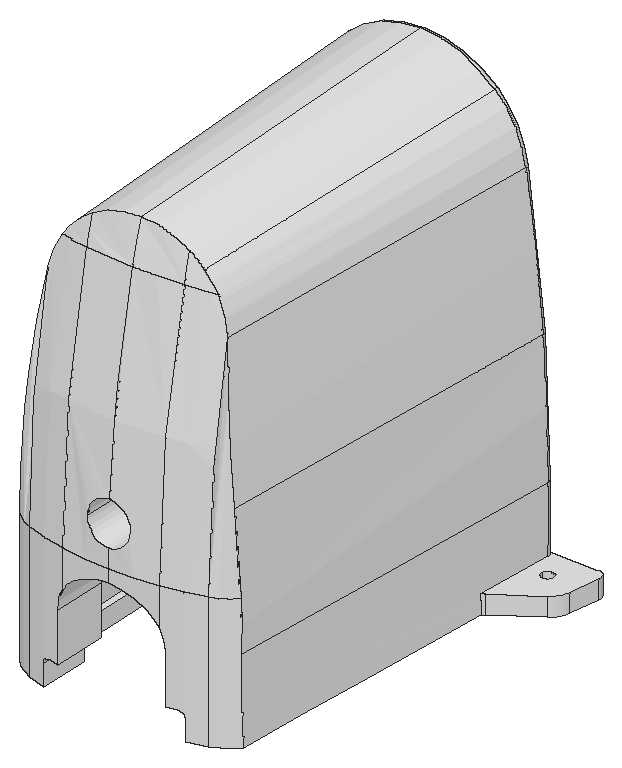
Revit family "Sink-Pedestal-KOHLER-Folio-K-11340K_1", category Specialty Equipment, host Face, Revit 2021
Family settings
  Host = Face
  Round Connector Dimension = Use Diameter
  Part Type = Normal
  OmniClass Number = 23.31.25.00
  OmniClass Title = Toilet and Bath Specialties
  Cut with Voids When Loaded = No
  Shared = No
  Room Calculation Point = No
Parameters (values of type "0-White")
  Width = 9 65/256"  # constant formula
  WaterSense Certified = 1 = 0  # no
  URL = "https://www.kohlerasiapacific.com/"
  Type = 1
  Product Page URL = ""
  Product Name = "Folio"  # constant formula
  Product Documentation Link = ""
  Model = "K-11340K-0"  # constant formula
  Material = "Vitreous China"  # constant formula
  Master Format 2014 Name = "Bath Accessories"  # constant formula
  Master Format 2014 = "10 28 16"  # constant formula
  Manufacturer Address = "No. 158 Jiang Chang San Road, Zhabei District, Shanghai, China"  # constant formula
  Manufacturer = "Kohler Co."  # constant formula
  Length = 11 53/128"  # constant formula
  Height = 10 5/32"  # constant formula
  Finish = Kohler-Vitreous_China-0-White
  Environmental Product Declaration = ""
  Description = "Shroud"  # constant formula
  Default Elevation = 25"
  Declare Label = ""
  Date Modified = "02/02/2023"  # constant formula
  Date Created = "02/02/2023"  # constant formula
  Copyright = "Copyright Kohler Co."  # constant formula
  Contact Us = "https://www.kohlerasiapacific.com/contact-us"
  Assembly Code = "C1030200"
  ADA Compliant = 1 = 0  # no
Reference planes
  plane 1 "Center (Front/Back)": y = 0
  plane 2: z = 0
  plane 3 "Center (Left/Right)": x = 0
  plane 4: x = -117.5
  plane 5: y = 237.938
  plane 6: x = -95
  plane 7: x = 95.049
  plane 8: z = 113
  plane 9: y = 257.969
  plane 10: x = 117.549
  plane 11: z = 289.917
  plane 12: z = 12
  plane 13: z = 268.978
Dimensions and locks
  "Height": plane 1 "Center (Front/Back)" to plane 9
  "Width": plane 4 to plane 10
  "Length": level to plane 11
  plane 9 to plane 5 = 0.78863"
  plane 6 to plane 7 = 7.48225"
  plane 3 "Center (Left/Right)" to plane 10 = 4.62792"
  level to plane 12 = 0.47244"
  level to plane 8 = 4.44882"
  plane 13 to plane 11 = 0.82436"
  aligned and locked: plane 2 to host face
  aligned and locked: level to host face
Automatic sketch dimensions
  host sketch curve to host sketch curve = 96"  (x2)
Nested families
  nested 1: "K-11340K" at (0, 0, 0), type "K-11340K"
Definition of nested family "K-11340K"
  Parameters
    Material = none
    Default Elevation = 0"
  Reference planes
    plane 1 "Center (Front/Back)": y = 0
    plane 2: z = 0
    plane 3 "Center (Left/Right)": x = 0
    plane 4: y = 258
    plane 5: z = 12
    plane 6: x = -117.5
    plane 7: x = 117.5
    plane 8: y = 238
    plane 9: x = -95
    plane 10: x = 95
    plane 11: z = 113
    plane 12: z = 289.964
  Forms (mm)
    Sweep 1, solid, material <- "Material", detail levels medium+fine
      path origin (0, 0, 0) x (1, 0, 0) y (0, 0, 1)
        loop
          arc (83.672, -16.404) -> (82.349, 19.074) -> (82.097, 54.576) r 1176.886
          arc (82.097, 54.576) -> (81.456, 97.102) -> (78.853, 139.553) r 921.718
          arc (78.853, 139.553) -> (74.217, 186.203) -> (68.206, 232.696) r 1588.836
          arc (68.206, 232.696) -> (61.386, 253.716) -> (47.933, 271.248) r 65.154
          arc (47.933, 271.248) -> (25.735, 285.145) -> (0, 290) r 70.636
          arc (0, 290) -> (-25.735, 285.145) -> (-47.933, 271.248) r 70.636
          arc (-47.933, 271.248) -> (-61.386, 253.716) -> (-68.206, 232.696) r 65.154
          arc (-68.206, 232.696) -> (-74.217, 186.203) -> (-78.853, 139.553) r 1588.836
          arc (-78.853, 139.553) -> (-81.456, 97.102) -> (-82.097, 54.576) r 921.718
          arc (-82.097, 54.576) -> (-82.349, 19.074) -> (-83.672, -16.404) r 1176.886
      profile origin (0, 0, 290) x (0, 0, -1) y (0, -1, 0)
        loop
          line (11.496, 10.299) -> (0.004, -253.931)
          arc (0.004, -253.931) -> (1.083, -256.797) -> (3.9, -258) r 3.9
          line (3.9, -258) -> (10.97, -258) -> (22.64, 10.299) -> (11.496, 10.299)
    Extrusion 2, solid, material <- "Material", detail levels medium+fine
      sketch origin (0, 0, 0) x (1, 0, 0) y (0, 1, 0)
        loop
          line (-62.5, 258) -> (-111.695, 258)
          arc (-111.695, 258) -> (-116.178, 255.967) -> (-117.603, 251.254) r 5.96
          line (-117.603, 251.254) -> (-114.945, 231.271)
          arc (-114.945, 231.271) -> (-112.834, 225.358) -> (-108.487, 220.828) r 15
          line (-108.487, 220.828) -> (-83.045, 203.598)
          arc (-83.045, 203.598) -> (-78.362, 198.495) -> (-76.471, 191.831) r 15
          line (-76.471, 191.831) -> (-69.006, 20.337) -> (-57.795, 20.337) -> (-62.5, 258)
      from 0 to 11.857
    Extrusion 3, solid, material <- "Material", detail levels medium+fine
      sketch origin (0, 0, 0) x (-1, 0, 0) y (0, -1, 0)
        loop
          line (-62.5, -258) -> (-57.795, -20.337) -> (-67.756, -20.337) -> (-75.164, -190.535)
          arc (-75.164, -190.535) -> (-77.162, -197.573) -> (-82.108, -202.964) r 15.842
          line (-82.108, -202.964) -> (-108.487, -220.828)
          arc (-108.487, -220.828) -> (-112.834, -225.358) -> (-114.945, -231.271) r 15
          line (-114.945, -231.271) -> (-117.603, -251.254)
          arc (-117.603, -251.254) -> (-116.178, -255.967) -> (-111.695, -258) r 5.96
          line (-111.695, -258) -> (-62.5, -258)
      from 0 to 11.857
    Extrusion 4, void
      sketch origin (0, 0, 0) x (0, 1, 0) y (0, 0, 1)
        loop
          line (268, 0) -> (-27, 0) -> (-27, -25) -> (268, -25) -> (268, 0)
      from -131.904 to 110.84
    Extrusion 5, void
      sketch origin (0, 0, 0) x (1, 0, 0) y (0, 1, 0)
        loop
          circle (-95, 238) r 3.963
        loop
          circle (95, 238) r 3.963
      from -13.424 to 23.265
    Extrusion 6, void
      sketch origin (0, 0, 0) x (1, 0, 0) y (0, 0, 1)
        loop
          arc (-24.138, 70.924) -> (-32.126, 61.662) -> (-35, 49.774) r 26.023
          line (-35, 49.774) -> (-35, 17.821) -> (-42.147, 17.821)
          arc (-42.147, 17.821) -> (-44.903, 16.679) -> (-46.045, 13.923) r 3.898
          line (-46.045, 13.923) -> (-46.045, -1.25) -> (46.045, -1.25) -> (46.045, 13.923)
          arc (46.045, 13.923) -> (44.903, 16.679) -> (42.147, 17.821) r 3.898
          line (42.147, 17.821) -> (35, 17.821) -> (35, 49.774)
          arc (35, 49.774) -> (32.126, 61.662) -> (24.138, 70.924) r 26.023
          arc (24.138, 70.924) -> (12.677, 76.695) -> (0, 78.682) r 41.431
          arc (0, 78.682) -> (-12.677, 76.695) -> (-24.138, 70.924) r 41.431
        loop
          circle (-0.101, 112.895) r 14
      from -53.423 to 13.525
    Extrusion 7, solid, material <- "Material", detail levels coarse
      sketch origin (0, 0, 0) x (1, 0, 0) y (0, 0, 1)
        loop
          arc (83.288, 0) -> (82.556, 27.283) -> (82.458, 54.576) r 1176.886
          arc (82.458, 54.576) -> (81.816, 97.102) -> (79.214, 139.553) r 921.718
          arc (79.214, 139.553) -> (74.577, 186.203) -> (68.567, 232.696) r 1588.836
          arc (68.567, 232.696) -> (61.747, 253.716) -> (48.293, 271.248) r 65.154
          arc (48.293, 271.248) -> (26.096, 285.145) -> (0.361, 290) r 70.636
          arc (0.361, 290) -> (-25.375, 285.145) -> (-47.572, 271.248) r 70.636
          arc (-47.572, 271.248) -> (-61.026, 253.716) -> (-67.846, 232.696) r 65.154
          arc (-67.846, 232.696) -> (-73.856, 186.203) -> (-78.493, 139.553) r 1588.836
          arc (-78.493, 139.553) -> (-81.095, 97.102) -> (-81.737, 54.576) r 921.718
          arc (-81.737, 54.576) -> (-81.835, 27.283) -> (-82.567, 0) r 1176.886
          line (-82.567, 0) -> (-71.334, 0)
          arc (-71.334, 0) -> (-71.07, 27.331) -> (-71.127, 54.664) r 2323.514
          arc (-71.127, 54.664) -> (-70.493, 96.683) -> (-67.922, 138.629) r 910.747
          arc (-67.922, 138.629) -> (-63.317, 184.957) -> (-57.348, 231.129) r 1577.865
          arc (-57.348, 231.129) -> (-51.677, 248.61) -> (-40.488, 263.19) r 54.184
          arc (-40.488, 263.19) -> (-21.738, 274.929) -> (0, 279.03) r 59.666
          arc (0, 279.03) -> (21.738, 274.929) -> (40.488, 263.19) r 59.666
          arc (40.488, 263.19) -> (51.677, 248.61) -> (57.348, 231.129) r 54.184
          arc (57.348, 231.129) -> (63.317, 184.957) -> (67.922, 138.629) r 1577.865
          arc (67.922, 138.629) -> (70.493, 96.683) -> (71.127, 54.664) r 910.747
          arc (71.127, 54.664) -> (71.07, 27.331) -> (71.334, 0) r 2323.514
          line (71.334, 0) -> (83.288, 0)
      from -258 to 0
    Extrusion 8, solid, material <- "Material", detail levels coarse
      sketch origin (0, 0, 0) x (1, 0, 0) y (0, 1, 0)
        loop
          line (-82.567, 258) -> (-117.5, 258) -> (-117.5, 218) -> (-82.567, 187.633) -> (-82.567, 258)
        loop
          line (82.567, 258) -> (82.567, 187.633) -> (117.5, 218) -> (117.5, 258) -> (82.567, 258)
      from 0 to 12
    Extrusion 9, solid, material <- "Material", detail levels coarse
      sketch origin (0, 0, 0) x (1, 0, 0) y (0, 0, 1)
        loop
          arc (-81.737, 54.576) -> (-81.835, 27.283) -> (-82.567, 0) r 1176.886
          line (-82.567, 0) -> (83.288, 0)
          arc (83.288, 0) -> (82.556, 27.283) -> (82.458, 54.576) r 1176.886
          arc (82.458, 54.576) -> (81.816, 97.102) -> (79.214, 139.553) r 921.718
          arc (79.214, 139.553) -> (74.577, 186.203) -> (68.567, 232.696) r 1588.836
          arc (68.567, 232.696) -> (61.747, 253.716) -> (48.293, 271.248) r 65.154
          arc (48.293, 271.248) -> (26.096, 285.145) -> (0.361, 290) r 70.636
          arc (0.361, 290) -> (-25.375, 285.145) -> (-47.572, 271.248) r 70.636
          arc (-47.572, 271.248) -> (-61.026, 253.716) -> (-67.846, 232.696) r 65.154
          arc (-67.846, 232.696) -> (-73.856, 186.203) -> (-78.493, 139.553) r 1588.836
          arc (-78.493, 139.553) -> (-81.095, 97.102) -> (-81.737, 54.576) r 921.718
      from 0 to -16.65
    Extrusion 10, solid, material <- "Material", detail levels medium+fine
      sketch origin (0, 0, 0) x (1, 0, 0) y (0, 0, 1)
        loop
          line (-65.275, 0) -> (65.275, 0)
          arc (65.275, 0) -> (64.553, 27.354) -> (64.458, 54.717) r 1194.526
          arc (64.458, 54.717) -> (63.829, 96.429) -> (61.276, 138.068) r 904.078
          arc (61.276, 138.068) -> (56.691, 184.2) -> (50.748, 230.177) r 1571.196
          arc (50.748, 230.177) -> (45.774, 245.506) -> (35.963, 258.291) r 47.515
          arc (35.963, 258.291) -> (19.308, 268.718) -> (0, 272.36) r 52.997
          arc (0, 272.36) -> (-19.308, 268.718) -> (-35.963, 258.291) r 52.997
          arc (-35.963, 258.291) -> (-45.774, 245.506) -> (-50.748, 230.177) r 47.515
          arc (-50.748, 230.177) -> (-56.691, 184.2) -> (-61.276, 138.068) r 1571.196
          arc (-61.276, 138.068) -> (-63.829, 96.429) -> (-64.458, 54.717) r 904.078
          arc (-64.458, 54.717) -> (-64.553, 27.354) -> (-65.275, 0) r 1194.526
      from -37.727 to 10.299
    Sweep 11, void
      path origin (0, 0, 0) x (0, 1, 0) y (0, 0, 1)
        loop
          arc (38.464, 316.368) -> (28.569, 285.391) -> (20.118, 253.99) r 703.123
          arc (20.118, 253.99) -> (5.048, 171.099) -> (0, 87) r 703.123
          line (0, 87) -> (0, -13)
      profile origin (0, 0, 37) x (1, 0, 0) y (0, 1, 0)
        loop
          arc (-31.602, 2.134) -> (-45.087, 4.72) -> (-58.211, 8.759) r 125.86
          arc (-58.211, 8.759) -> (-69.868, 16.101) -> (-77.546, 27.54) r 33.224
          line (-77.546, 27.54) -> (-91.996, 27.54) -> (-91.996, -39.584) -> (0, -39.584) -> (91.996, -39.584) -> (91.996, 27.54) -> (77.546, 27.54)
          arc (77.546, 27.54) -> (69.868, 16.101) -> (58.211, 8.759) r 33.224
          arc (58.211, 8.759) -> (45.087, 4.72) -> (31.602, 2.134) r 125.86
          arc (31.602, 2.134) -> (15.837, 0.534) -> (0, 0) r 235.033
          arc (0, 0) -> (-15.837, 0.534) -> (-31.602, 2.134) r 235.033
  Cuts and joins
    Extrusion 4, Extrusion 6, Sweep 11 cuts Sweep 1
    Extrusion 5, Extrusion 6 cuts Extrusion 2
    Extrusion 5, Extrusion 6 cuts Extrusion 3
    Extrusion 6, Sweep 11 cuts Extrusion 10
    joined: Sweep 1, Extrusion 2, Extrusion 3, Extrusion 10
    Extrusion 6 cuts Extrusion 9
    joined: Extrusion 7, Extrusion 8, Extrusion 9
  Lines and regions (mm)
    Masking region 1
      outline origin (0, 0, 0) x (0, 1, 0) y (0, 0, 1)
        loop
          arc (258, 286.054) -> (256.794, 288.878) -> (253.92, 289.96) r 3.91
          line (253.92, 289.96) -> (40.919, 280.666)
          arc (40.919, 280.666) -> (31.184, 277.141) -> (25.205, 268.689) r 17.303
          arc (25.205, 268.689) -> (6.373, 189.651) -> (0.045, 108.648) r 521.586
          line (0.045, 108.648) -> (0.045, 78.438)
          arc (0.045, 78.438) -> (1.991, 64.165) -> (2.642, 49.774) r 159.491
          line (2.642, 49.774) -> (2.642, 17.821) -> (5.257, 17.821)
          arc (5.257, 17.821) -> (5.683, 17.698) -> (5.979, 17.368) r 0.801
          arc (5.979, 17.368) -> (6.374, 16.242) -> (6.508, 15.057) r 5.315
          line (6.508, 15.057) -> (6.508, 12) -> (9.881, 12)
          arc (9.881, 12) -> (12.002, 11.121) -> (12.881, 9) r 3
          line (12.881, 9) -> (12.881, 3.696)
          arc (12.881, 3.696) -> (13.963, 1.083) -> (16.577, 0) r 3.696
          line (16.577, 0) -> (254.229, 0)
          arc (254.229, 0) -> (256.896, 1.104) -> (258, 3.771) r 3.771
          line (258, 3.771) -> (258, 286.054)
    Masking region 2
      outline origin (0, 0, 0) x (1, 0, 0) y (0, 0, 1)
        loop
          arc (48.293, 271.248) -> (25.928, 285.211) -> (0, 289.999) r 70.636
          arc (0, 289.999) -> (-25.928, 285.211) -> (-48.293, 271.248) r 70.636
          arc (-48.293, 271.248) -> (-61.747, 253.716) -> (-68.567, 232.696) r 65.154
          arc (-68.567, 232.696) -> (-74.577, 186.203) -> (-79.214, 139.553) r 1588.836
          arc (-79.214, 139.553) -> (-81.816, 97.102) -> (-82.458, 54.576) r 921.718
          arc (-82.458, 54.576) -> (-82.453, 36.414) -> (-82.728, 18.254) r 1176.886
          arc (-82.728, 18.254) -> (-84.653, 13.823) -> (-89.127, 12) r 6.4
          line (-89.127, 12) -> (-114, 12)
          arc (-114, 12) -> (-116.475, 10.975) -> (-117.5, 8.5) r 3.5
          line (-117.5, 8.5) -> (-117.5, 3.5)
          arc (-117.5, 3.5) -> (-116.475, 1.025) -> (-114, 0) r 3.5
          line (-114, 0) -> (-57.795, 0) -> (-57.795, 7.97)
          arc (-57.795, 7.97) -> (-56.615, 10.82) -> (-53.765, 12) r 4.03
          line (-53.765, 12) -> (-46.045, 12) -> (-46.045, 13.923)
          arc (-46.045, 13.923) -> (-44.903, 16.679) -> (-42.147, 17.821) r 3.898
          line (-42.147, 17.821) -> (-35, 17.821) -> (-35, 49.774)
          arc (-35, 49.774) -> (-32.126, 61.662) -> (-24.138, 70.924) r 26.023
          arc (-24.138, 70.924) -> (-12.677, 76.695) -> (0, 78.682) r 41.431
          arc (0, 78.682) -> (12.677, 76.695) -> (24.138, 70.924) r 41.431
          arc (24.138, 70.924) -> (32.126, 61.662) -> (35, 49.774) r 26.023
          line (35, 49.774) -> (35, 17.821) -> (42.147, 17.821)
          arc (42.147, 17.821) -> (44.903, 16.679) -> (46.045, 13.923) r 3.898
          line (46.045, 13.923) -> (46.045, 12) -> (53.765, 12)
          arc (53.765, 12) -> (56.615, 10.82) -> (57.795, 7.97) r 4.03
          line (57.795, 7.97) -> (57.795, 0) -> (114, 0)
          arc (114, 0) -> (116.475, 1.025) -> (117.5, 3.5) r 3.5
          line (117.5, 3.5) -> (117.5, 8.5)
          arc (117.5, 8.5) -> (116.475, 10.975) -> (114, 12) r 3.5
          line (114, 12) -> (89.127, 12)
          arc (89.127, 12) -> (84.653, 13.823) -> (82.728, 18.254) r 6.4
          arc (82.728, 18.254) -> (82.453, 36.414) -> (82.458, 54.576) r 1176.886
          arc (82.458, 54.576) -> (81.816, 97.102) -> (79.214, 139.553) r 921.718
          arc (79.214, 139.553) -> (74.577, 186.203) -> (68.567, 232.696) r 1588.836
          arc (68.567, 232.696) -> (61.747, 253.716) -> (48.293, 271.248) r 65.154
        loop
          circle (-0.101, 112.895) r 14
    Masking region 3
      outline origin (0, 0, 0) x (1, 0, 0) y (0, 1, 0)
        loop
          line (0, 258) -> (-111.477, 258)
          arc (-111.477, 258) -> (-116.008, 255.945) -> (-117.447, 251.183) r 6.023
          line (-117.447, 251.183) -> (-114.678, 230.36)
          arc (-114.678, 230.36) -> (-112.821, 225.159) -> (-108.997, 221.173) r 13.196
          line (-108.997, 221.173) -> (-86.909, 206.215)
          arc (-86.909, 206.215) -> (-82.226, 201.111) -> (-80.335, 194.447) r 15
          line (-80.335, 194.447) -> (-73.07, 27.54)
          arc (-73.07, 27.54) -> (-72.11, 22.231) -> (-69.767, 17.371) r 20
          arc (-69.767, 17.371) -> (-67.067, 14.105) -> (-63.739, 11.481) r 20
          arc (-63.739, 11.481) -> (-61.046, 9.976) -> (-58.211, 8.759) r 29.646
          arc (-58.211, 8.759) -> (-45.088, 4.719) -> (-31.602, 2.134) r 125.652
          arc (-31.602, 2.134) -> (-15.837, 0.536) -> (0, 0.003) r 235.348
          arc (0, 0.003) -> (15.837, 0.536) -> (31.602, 2.134) r 235.348
          arc (31.602, 2.134) -> (45.088, 4.719) -> (58.211, 8.759) r 125.652
          arc (58.211, 8.759) -> (61.046, 9.976) -> (63.739, 11.481) r 29.646
          arc (63.739, 11.481) -> (67.067, 14.105) -> (69.767, 17.371) r 20
          arc (69.767, 17.371) -> (72.11, 22.231) -> (73.07, 27.54) r 20
          line (73.07, 27.54) -> (80.335, 194.447)
          arc (80.335, 194.447) -> (82.226, 201.111) -> (86.909, 206.215) r 15
          line (86.909, 206.215) -> (108.997, 221.173)
          arc (108.997, 221.173) -> (112.821, 225.159) -> (114.678, 230.36) r 13.196
          line (114.678, 230.36) -> (117.447, 251.183)
          arc (117.447, 251.183) -> (116.008, 255.945) -> (111.477, 258) r 6.023
          line (111.477, 258) -> (0, 258)
        loop
          circle (-95, 238) r 3.963
        loop
          circle (95, 238) r 3.963
    symbolic lines, detail levels medium+fine
      curve 1: line (-80.335, 194.447, 0) -> (-83.1, 258, 0)
      curve 2: line (80.335, 194.447, 0) -> (83.1, 258, 0)
      curve 3: arc (-8.865, 1.59, 0) -> (-4.435, 1.807, 0) -> (0, 1.879, 0) r 135.751
      curve 4: arc (-15.095, 0.485, 0) -> (-12.01, 1.209, 0) -> (-8.865, 1.59, 0) r 28.793
      curve 5: arc (8.865, 1.59, 0) -> (4.435, 1.807, 0) -> (0, 1.879, 0) r 135.751
      curve 6: arc (15.095, 0.485, 0) -> (12.01, 1.209, 0) -> (8.865, 1.59, 0) r 28.793
      curve 7: line (-32.911, 26.4, 0) -> (0.008, 26.4, 0)
      curve 8: line (-32.184, 38.771, 0) -> (-0.004, 38.771, 0)
      curve 9: line (-63.739, 11.481, 0) -> (-52.992, 19.641, 0)
      curve 10: line (-49.063, 33.09, 0) -> (-69.767, 17.371, 0)
      curve 11: arc (-32.184, 38.771, 0) -> (-41.089, 37.313, 0) -> (-49.063, 33.09, 0) r 27.914
      curve 12: arc (-52.992, 19.641, 0) -> (-43.505, 24.665, 0) -> (-32.911, 26.4, 0) r 33.209
      curve 13: line (32.911, 26.4, 0) -> (0.008, 26.4, 0)
      curve 14: line (63.739, 11.481, 0) -> (52.992, 19.641, 0)
      curve 15: arc (52.992, 19.641, 0) -> (43.505, 24.665, 0) -> (32.911, 26.4, 0) r 33.209
      curve 16: line (32.184, 38.771, 0) -> (-0.004, 38.771, 0)
      curve 17: line (49.063, 33.09, 0) -> (69.767, 17.371, 0)
      curve 18: arc (32.184, 38.771, 0) -> (41.089, 37.313, 0) -> (49.063, 33.09, 0) r 27.914
      curve 19: line (0, 253.989, 12) -> (0, 208.665, 12)
      curve 20: spline (0, 205.993, 8.267) -> (0, 206.055, 8.677) -> (0, 206.152, 9.082) -> (0, 206.283, 9.478) -> (0, 206.447, 9.861) -> (0, 206.642, 10.226) -> (0, 206.866, 10.571) -> (0, 207.117, 10.89) -> (0, 207.392, 11.181) -> (0, 207.687, 11.44) -> (0, 208, 11.664) -> (0, 208.327, 11.852) -> (0, 208.665, 12)
      curve 21: line (0, 31.874, 12) -> (0, 39.62, 249.889)
      curve 22: spline (0, 40.159, 269.283) -> (0, 40.154, 269.138) -> (0, 40.141, 268.705) -> (0, 40.12, 267.986) -> (0, 40.092, 266.986) -> (0, 40.057, 265.71) -> (0, 40.014, 264.166) -> (0, 39.964, 262.363) -> (0, 39.907, 260.312) -> (0, 39.844, 258.024) -> (0, 39.775, 255.515) -> (0, 39.7, 252.798) -> (0, 39.62, 249.889)
      curve 23: arc (0, 40.159, 269.283) -> (0, 40.184, 274.998) -> (0, 40.919, 280.666) r 45.944
      curve 24: arc (0, 33.176, 0) -> (0, 32.293, 5.975) -> (0, 31.874, 12) r 78.233
      curve 25: arc (0, 207.175, 0) -> (0, 206.069, 4.06) -> (0, 205.993, 8.267) r 17.018
      curve 26: line (0, 21.879, 11.691) -> (0, 29.632, 250.437)
      curve 27: arc (0, 23.022, 0) -> (0, 22.256, 5.827) -> (0, 21.879, 11.691) r 88.233
      curve 28: arc (0, 29.632, 250.437) -> (0, 29.809, 262.481) -> (0, 28.366, 274.44) r 89.41
      curve 29: arc (0, 40.562, 265.31) -> (0, 34.603, 262.452) -> (0, 29.933, 257.774) r 19.592
      curve 30: arc (0, 29.933, 257.774) -> (0, 22.581, 246.851) -> (0, 15.732, 235.606) r 290.265
      curve 31: line (0, 194.204, 17.97) -> (0, 205.993, 8.267)
      curve 32: line (0, 194.204, 17.97) -> (0, 258, 17.97)
      curve 33: line (0, 194.204, 17.97) -> (0, 194.204, 0)
      curve 34: line (0, 12.881, 3.696) -> (0, 258, 3.771)
      curve 35: line (0, 221.011, 8.086) -> (0, 221.011, 3.086)
      curve 36: arc (0, 223.405, 12) -> (0, 221.657, 10.38) -> (0, 221.011, 8.086) r 4.397
      curve 37: arc (0, 221.011, 3.086) -> (0, 221.617, 1.191) -> (0, 223.209, 0) r 3.265
      curve 38: line (0, 208.665, 12) -> (0, 194.204, 17.97)
      curve 39: line (0, 205.993, 8.267) -> (0, 258, 8.663)
      curve 40: line (0, 253.92, 289.96) -> (0, 253.989, 12)
      curve 41: arc (0, 258, 8.663) -> (0, 256.598, 11.057) -> (0, 253.989, 12) r 4.079
      curve 42: line (-61.229, 0, 12) -> (-61.229, 0, 67)
      curve 43: arc (-61.229, 0, 67) -> (-60.785, 0, 92.081) -> (-59.455, 0, 117.131) r 709.117
      curve 44: arc (-59.455, 0, 117.131) -> (-56.257, 0, 155.402) -> (-52.096, 0, 193.58) r 1524.043
      curve 45: line (-52.096, 0, 193.58) -> (-47.4, 0, 232.155)
      curve 46: arc (-47.4, 0, 232.155) -> (-39.971, 0, 248.256) -> (-27.293, 0, 260.654) r 48.948
      curve 47: arc (-27.293, 0, 260.654) -> (-14.267, 0, 266.851) -> (0, 0, 268.978) r 48.904
      curve 48: arc (0, 0, 268.978) -> (14.267, 0, 266.851) -> (27.293, 0, 260.654) r 48.904
      curve 49: arc (27.293, 0, 260.654) -> (39.971, 0, 248.256) -> (47.4, 0, 232.155) r 48.948
      curve 50: line (47.4, 0, 232.155) -> (52.096, 0, 193.58)
      curve 51: arc (52.096, 0, 193.58) -> (56.257, 0, 155.402) -> (59.455, 0, 117.131) r 1524.043
      curve 52: arc (59.455, 0, 117.131) -> (60.785, 0, 92.081) -> (61.229, 0, 67) r 709.117
      curve 53: line (61.229, 0, 67) -> (61.229, 0, 12)
      curve 54: arc (71.553, 0, 12) -> (71.148, 0, 33.33) -> (71.127, 0, 54.664) r 1187.856
      curve 55: arc (71.127, 0, 54.664) -> (70.493, 0, 96.683) -> (67.922, 0, 138.629) r 910.747
      curve 56: arc (67.922, 0, 138.629) -> (63.317, 0, 184.957) -> (57.348, 0, 231.129) r 1577.865
      curve 57: arc (57.348, 0, 231.129) -> (51.677, 0, 248.61) -> (40.488, 0, 263.19) r 54.184
      curve 58: arc (40.488, 0, 263.19) -> (21.738, 0, 274.929) -> (0, 0, 279.03) r 59.666
      curve 59: arc (0, 0, 279.03) -> (-21.738, 0, 274.929) -> (-40.488, 0, 263.19) r 59.666
      curve 60: arc (-40.488, 0, 263.19) -> (-51.677, 0, 248.61) -> (-57.348, 0, 231.129) r 54.184
      curve 61: arc (-57.348, 0, 231.129) -> (-63.317, 0, 184.957) -> (-67.922, 0, 138.629) r 1577.865
      curve 62: arc (-67.922, 0, 138.629) -> (-70.493, 0, 96.683) -> (-71.127, 0, 54.664) r 910.747
      curve 63: arc (-71.127, 0, 54.664) -> (-71.148, 0, 33.33) -> (-71.553, 0, 12) r 1187.856
      curve 64: line (-71.553, 0, 12) -> (-53.77, 0, 12)
      curve 65: line (114.923, 0, 8.872) -> (114.923, 0, 3.087)
      curve 66: line (113.477, 0, 8.872) -> (113.477, 0, 3.087)
      curve 67: arc (111.992, 0, 12) -> (114.076, 0, 11.015) -> (114.923, 0, 8.872) r 3.134
      curve 68: arc (114.923, 0, 3.087) -> (114.165, 0, 1.048) -> (112.258, 0, 0) r 3.12
      curve 69: arc (113.477, 0, 3.087) -> (112.905, 0, 1.669) -> (111.511, 0, 1.043) r 2.045
      curve 70: line (111.033, 0, 10.973) -> (89.35, 0, 10.973)
      curve 71: line (111.511, 0, 1.043) -> (70.703, 0, 1.043)
      curve 72: arc (111.033, 0, 10.973) -> (112.737, 0, 10.483) -> (113.477, 0, 8.872) r 2.125
      curve 73: line (-71.553, 0, 12) -> (-71.553, 0, 4.353)
      curve 74: arc (-71.553, 0, 4.353) -> (-70.643, 0, 2.336) -> (-68.528, 0, 1.683) r 2.691
      curve 75: line (-68.528, 0, 1.683) -> (-57.795, 0, 1.683)
      curve 76: line (71.553, 0, 12) -> (71.553, 0, 5.087)
      curve 77: line (57.795, 0, 3.118) -> (69, 0, 3.118)
      curve 78: arc (71.553, 0, 5.087) -> (70.76, 0, 3.475) -> (69, 0, 3.118) r 2.036
      curve 79: arc (-68.918, 0, 138.713) -> (-64.311, 0, 185.071) -> (-58.338, 0, 231.272) r 1578.865
      curve 80: arc (-72.127, 0, 54.656) -> (-71.493, 0, 96.722) -> (-68.918, 0, 138.713) r 911.747
      curve 81: arc (-72.553, 0, 12.014) -> (-72.148, 0, 33.333) -> (-72.127, 0, 54.656) r 1186.856
      curve 82: line (-72.553, 0, 4.353) -> (-72.553, 0, 12.014)
      curve 83: arc (-58.338, 0, 231.272) -> (-52.562, 0, 249.076) -> (-41.167, 0, 263.924) r 55.184
      curve 84: arc (-41.167, 0, 263.924) -> (-22.103, 0, 275.86) -> (0, 0, 280.03) r 60.666
      curve 85: arc (0, 0, 280.03) -> (22.103, 0, 275.86) -> (41.167, 0, 263.924) r 60.666
      curve 86: arc (41.167, 0, 263.924) -> (52.562, 0, 249.076) -> (58.338, 0, 231.272) r 55.184
      curve 87: arc (58.338, 0, 231.272) -> (64.311, 0, 185.071) -> (68.918, 0, 138.713) r 1578.865
      curve 88: arc (68.918, 0, 138.713) -> (71.493, 0, 96.722) -> (72.127, 0, 54.656) r 911.747
      curve 89: arc (72.127, 0, 54.656) -> (72.148, 0, 33.333) -> (72.553, 0, 12.014) r 1186.856
      curve 90: line (72.553, 0, 12.014) -> (72.553, 0, 5.087)
      curve 91: arc (72.553, 0, 5.087) -> (71.529, 0, 1.941) -> (68.85, 0, 0) r 5.346
      curve 92: arc (-69.813, 0, 0) -> (-71.811, 0, 1.782) -> (-72.553, 0, 4.353) r 4.829
      curve 93: line (53.862, 0, 12) -> (71.553, 0, 12)
      curve 94: line (-106.193, 225.313, 0) -> (-84.106, 210.355, 0)
      curve 95: arc (-109.722, 231.019, 0) -> (-108.568, 227.789, 0) -> (-106.193, 225.313, 0) r 8.196
      curve 96: line (-112.491, 251.843, 0) -> (-109.722, 231.019, 0)
      curve 97: arc (-111.477, 253, 0) -> (-112.247, 252.651, 0) -> (-112.491, 251.843, 0) r 1.023
      curve 98: line (0, 253, 0) -> (-111.477, 253, 0)
      curve 99: arc (-84.106, 210.355, 0) -> (-82, 208.254, 0) -> (-80.817, 205.525, 0) r 7.923
      curve 100: line (106.193, 225.313, 0) -> (84.106, 210.355, 0)
      curve 101: arc (109.722, 231.019, 0) -> (108.568, 227.789, 0) -> (106.193, 225.313, 0) r 8.196
      curve 102: line (112.491, 251.843, 0) -> (109.722, 231.019, 0)
      curve 103: arc (111.477, 253, 0) -> (112.247, 252.651, 0) -> (112.491, 251.843, 0) r 1.023
      curve 104: line (0, 253, 0) -> (111.477, 253, 0)
      curve 105: arc (84.106, 210.355, 0) -> (82, 208.254, 0) -> (80.817, 205.525, 0) r 7.923
      curve 106: arc (-49.063, 33.09, 0) -> (-44.78, 25.59, 0) -> (-38.708, 19.45, 0) r 33.193
      curve 107: arc (49.063, 33.09, 0) -> (44.78, 25.59, 0) -> (38.708, 19.45, 0) r 33.193
      curve 108: line (-38.708, 19.45, 0) -> (0, 23.518, 0)
      curve 109: line (0, 23.518, 0) -> (38.708, 19.45, 0)
      curve 110: arc (81.699, 0, 18.23) -> (84.014, 0, 13.009) -> (89.35, 0, 10.973) r 7.43
      curve 111: arc (81.699, 0, 18.23) -> (81.423, 0, 36.406) -> (81.428, 0, 54.584) r 1177.916
      curve 112: arc (81.428, 0, 54.584) -> (80.787, 0, 97.063) -> (78.187, 0, 139.466) r 920.688
      curve 113: arc (78.187, 0, 139.466) -> (73.554, 0, 186.086) -> (67.547, 0, 232.549) r 1587.806
      curve 114: arc (67.547, 0, 232.549) -> (60.835, 0, 253.237) -> (47.594, 0, 270.491) r 64.124
      curve 115: arc (47.594, 0, 270.491) -> (25.72, 0, 284.186) -> (0.361, 0, 288.97) r 69.606
      curve 116: line (-114.923, 0, 8.872) -> (-114.923, 0, 3.087)
      curve 117: line (-113.477, 0, 8.872) -> (-113.477, 0, 3.087)
      curve 118: arc (-111.992, 0, 12) -> (-114.076, 0, 11.015) -> (-114.923, 0, 8.872) r 3.134
      curve 119: arc (-114.923, 0, 3.087) -> (-114.165, 0, 1.048) -> (-112.258, 0, 0) r 3.12
      curve 120: arc (-113.477, 0, 3.087) -> (-112.905, 0, 1.669) -> (-111.511, 0, 1.043) r 2.045
      curve 121: line (-111.033, 0, 10.973) -> (-89.35, 0, 10.973)
      curve 122: line (-111.511, 0, 1.043) -> (-70.703, 0, 1.043)
      curve 123: arc (-111.033, 0, 10.973) -> (-112.737, 0, 10.483) -> (-113.477, 0, 8.872) r 2.125
      curve 124: arc (-81.699, 0, 18.23) -> (-84.014, 0, 13.009) -> (-89.35, 0, 10.973) r 7.43
      curve 125: arc (-81.699, 0, 18.23) -> (-81.423, 0, 36.406) -> (-81.428, 0, 54.584) r 1177.916
      curve 126: arc (-81.428, 0, 54.584) -> (-80.787, 0, 97.063) -> (-78.187, 0, 139.466) r 920.688
      curve 127: arc (-78.187, 0, 139.466) -> (-73.554, 0, 186.086) -> (-67.547, 0, 232.549) r 1587.806
      curve 128: arc (-67.547, 0, 232.549) -> (-60.835, 0, 253.237) -> (-47.594, 0, 270.491) r 64.124
      curve 129: arc (-47.594, 0, 270.491) -> (-25.72, 0, 284.186) -> (-0.361, 0, 288.97) r 69.606
  Dimensions and locks
    plane 4 to plane 1 "Center (Front/Back)" = 10.15748"
    locked: plane 5 to plane 2 at 12
    locked: plane 6 to plane 7 at 235
    locked: plane 8 to plane 4 at 20
    locked: plane 9 to plane 10 at 190
    plane 11 to plane 2 = 4.44882"
    aligned and locked: plane 2 to level
